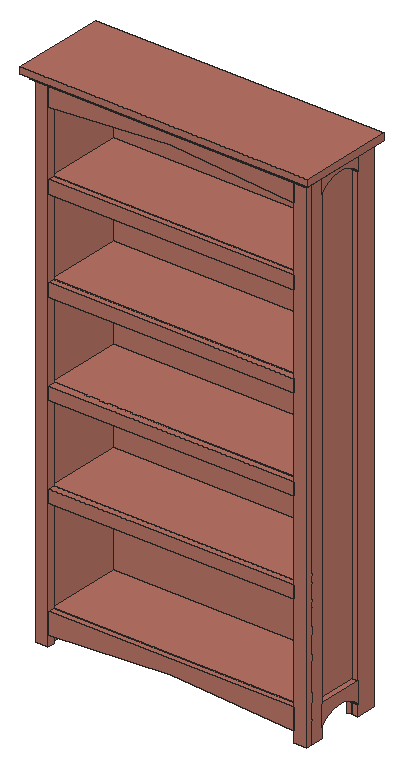
Revit family
Reference planes (in)
  plane 1 "Center (Front/Back)": y = 0
  plane 2: z = 0
  plane 3 "Center (Left/Right)": x = 0
  plane 4: x = -16.75
  plane 5: x = 16.75
  plane 6: z = 59.25
  plane 7: y = 4.5
  plane 8: y = -4.5
  plane 9: z = 58.5
  plane 10: y = -3
  plane 11: y = 3
  plane 12: x = -14.5
  plane 13: x = 14.5
  plane 14: x = -15
  plane 15: x = 15
  plane 16: z = 57.75
  plane 17: z = 48.75
  plane 18: z = 48
  plane 19: z = 38
  plane 20: z = 37.25
  plane 21: z = 27.25
  plane 22: z = 26.5
  plane 23: z = 16.5
  plane 24: z = 15.75
  plane 25: z = 3.75
  plane 26: z = 3
  plane 27: y = 4.75
  plane 28: y = -5.25
  plane 29: z = 60
Forms (in)
  Sweep 1, solid, material "BookCase"
    path origin (1.75, 0, 0) x (1, 0, 0) y (0, 1, 0)
      loop
        line (-16.75, -4.5) -> (-16.25, -4.5)
    profile origin (-14.75, -4.5, 0) x (0, 1, 0) y (0, 0, 1)
      loop
        line (0, 0) -> (1.5, 0) -> (1.5, 1.25)
        arc (1.5, 1.25) -> (4.125, 2.5) -> (6.75, 1.25) r 3.38125
        line (6.75, 1.25) -> (6.75, 0) -> (9, 0) -> (9, 59.25) -> (0, 59.25) -> (0, 0)
  Extrusion 2, solid, material "BookCase"
    sketch origin (0, 0, 0) x (1, 0, 0) y (0, 1, 0)
      loop
        line (-14.5, -3) -> (-14.5, -4.5) -> (14.5, -4.5) -> (14.5, -3) -> (-14.5, -3)
      loop
        line (14.5, 3) -> (14.5, 4.5) -> (-14.5, 4.5) -> (-14.5, 3) -> (14.5, 3)
    from 58.5 to 59.25
  Extrusion 3, solid, material "BookCase"
    sketch origin (0, 0, 0) x (1, 0, 0) y (0, 0, 1)
      loop
        line (14.5, 57.75) -> (14.5, 58.5) -> (-14.5, 58.5) -> (-14.5, 57.75) -> (14.5, 57.75)
      loop
        line (14.5, 48) -> (14.5, 48.75) -> (-14.5, 48.75) -> (-14.5, 48) -> (14.5, 48)
      loop
        line (14.5, 37.25) -> (14.5, 38) -> (-14.5, 38) -> (-14.5, 37.25) -> (14.5, 37.25)
      loop
        line (14.5, 26.5) -> (14.5, 27.25) -> (-14.5, 27.25) -> (-14.5, 26.5) -> (14.5, 26.5)
      loop
        line (14.5, 15.75) -> (14.5, 16.5) -> (-14.5, 16.5) -> (-14.5, 15.75) -> (14.5, 15.75)
      loop
        line (-14.5, 3.75) -> (-14.5, 3) -> (14.5, 3) -> (14.5, 3.75) -> (-14.5, 3.75)
    from -4.5 to 4.5
  Sweep 4, solid, material "BookCase"
    path origin (31.25, 0, 0) x (1, 0, 0) y (0, 1, 0)
      loop
        line (-16.75, -4.5) -> (-16.25, -4.5)
    profile origin (14.75, -4.5, 0) x (0, 1, 0) y (0, 0, 1)
      loop
        line (0, 0) -> (1.5, 0) -> (1.5, 1.25)
        arc (1.5, 1.25) -> (4.125, 2.5) -> (6.75, 1.25) r 3.38125
        line (6.75, 1.25) -> (6.75, 0) -> (9, 0) -> (9, 59.25) -> (0, 59.25) -> (0, 0)
  Extrusion 5, solid, material "BookCase"
    sketch origin (0, 0, 0) x (1, 0, 0) y (0, 1, 0)
      loop
        line (-15, -4.5) -> (-15, -3) -> (-15.75, -3) -> (-15.75, -4.5) -> (-15, -4.5)
      loop
        line (15.75, -4.5) -> (15.75, -3) -> (15, -3) -> (15, -4.5) -> (15.75, -4.5)
      loop
        line (-15, 4.5) -> (-15.75, 4.5) -> (-15.75, 2.25) -> (-15, 2.25) -> (-15, 4.5)
      loop
        line (15.75, 4.5) -> (15, 4.5) -> (15, 2.25) -> (15.75, 2.25) -> (15.75, 4.5)
    from 0 to 59.25
  Sweep 6, solid, material "BookCase"
    path origin (0, 0, 0) x (1, 0, 0) y (0, 1, 0)
      loop
        line (-15, 2.25) -> (-15.75, 2.25)
    profile origin (-15.375, 2.25, 0) x (0, -1, 0) y (0, 0, 1)
      loop
        arc (0, 1.25) -> (2.625, 2.5) -> (5.25, 1.25) r 3.38125
        line (5.25, 1.25) -> (5.25, 3.75) -> (0, 3.75) -> (0, 1.25)
      loop
        arc (0, 56.75) -> (2.625, 58) -> (5.25, 56.75) r 3.38125
        line (5.25, 56.75) -> (5.25, 59.25) -> (0, 59.25) -> (0, 56.75)
  Sweep 7, solid, material "BookCase"
    path origin (30.75, 0, 0) x (1, 0, 0) y (0, 1, 0)
      loop
        line (-15, 2.25) -> (-15.75, 2.25)
    profile origin (15.375, 2.25, 0) x (0, -1, 0) y (0, 0, 1)
      loop
        arc (0, 1.25) -> (2.625, 2.5) -> (5.25, 1.25) r 3.38125
        line (5.25, 1.25) -> (5.25, 3.75) -> (0, 3.75) -> (0, 1.25)
      loop
        arc (0, 56.75) -> (2.625, 58) -> (5.25, 56.75) r 3.38125
        line (5.25, 56.75) -> (5.25, 59.25) -> (0, 59.25) -> (0, 56.75)
  Extrusion 8, solid, material "BookCase"
    sketch origin (0, 0, 0) x (1, 0, 0) y (0, 1, 0)
      loop
        line (-15, 4.75) -> (-15, 4.5) -> (15, 4.5) -> (15, 4.75) -> (-15, 4.75)
    from 3 to 59.25
  Extrusion 9, solid, material "BookCase"
    sketch origin (0, 0, 0) x (1, 0, 0) y (0, 1, 0)
      loop
        line (-15.75, -4.5) -> (-15.75, -5.25) -> (-14.25, -5.25) -> (-14.25, -4.5) -> (-15.75, -4.5)
      loop
        line (15.75, -4.5) -> (14.25, -4.5) -> (14.25, -5.25) -> (15.75, -5.25) -> (15.75, -4.5)
    from 0 to 59.25
  Extrusion 10, solid, material "BookCase"
    sketch origin (0, 0, 0) x (1, 0, 0) y (0, 0, 1)
      loop
        line (-14.25, 59.25) -> (-14.25, 56.25)
        arc (-14.25, 56.25) -> (0, 57.27244) -> (14.25, 56.25) r 99.81414
        line (14.25, 56.25) -> (14.25, 59.25) -> (-14.25, 59.25)
      loop
        line (-14.25, 48.75) -> (-14.25, 47.25) -> (14.25, 47.25) -> (14.25, 48.75) -> (-14.25, 48.75)
      loop
        line (14.25, 38) -> (-14.25, 38) -> (-14.25, 36.5) -> (14.25, 36.5) -> (14.25, 38)
      loop
        line (14.25, 27.25) -> (-14.25, 27.25) -> (-14.25, 25.75) -> (14.25, 25.75) -> (14.25, 27.25)
      loop
        line (14.25, 16.5) -> (-14.25, 16.5) -> (-14.25, 15) -> (14.25, 15) -> (14.25, 16.5)
      loop
        line (14.25, 3.75) -> (-14.25, 3.75) -> (-14.25, 1.25)
        arc (-14.25, 1.25) -> (-0.00091, 2.125) -> (14.25, 1.28028) r 118.50899
        line (14.25, 1.28028) -> (14.25, 3.75)
    from 4.5 to 5.25
  Extrusion 11, solid, material "BookCase"
    sketch origin (0, 0, 0) x (1, 0, 0) y (0, 1, 0)
      loop
        line (-16.125, 4.5) -> (-16.125, -5.625) -> (16.125, -5.625) -> (16.125, 4.5) -> (15.75, 4.5) -> (15.75, -5.25) -> (-15.75, -5.25) -> (-15.75, 4.5) -> (-16.125, 4.5)
    from 58.69678 to 59.25
  Extrusion 12, solid, material "BookCase"
    sketch origin (0, 0, 0) x (1, 0, 0) y (0, 1, 0)
      loop
        line (-16.75, 4.75) -> (-16.75, -6.25) -> (16.75, -6.25) -> (16.75, 4.75) -> (-16.75, 4.75)
    from 59.25 to 60
Dimensions and locks (in)
  plane 5 to plane 4 = 33 1/2"
  plane 29 to level = 60"
  Extrusion 12 to plane 27 = 11"
